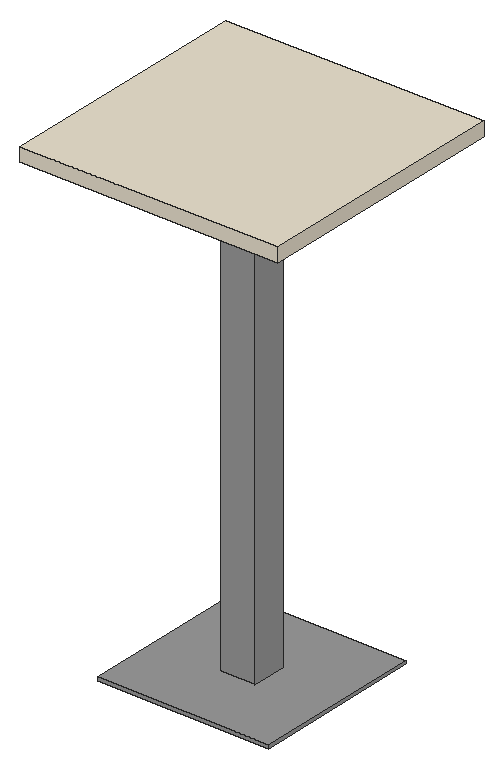
Revit family "FU_Table_Sandler_579AQ-XT", category Furniture, Revit 2020
Family settings
  OmniClass Number = 23.40.20.00
  OmniClass Title = General Furniture and Specialties
  Work Plane-Based = No
  Always vertical = Yes
  Cut with Voids When Loaded = No
  Shared = No
  Room Calculation Point = No
Parameters (values of type "579AQ XT 24" Square (60cm)")
  Width = 400 mm
  URL = "https://www.sandlerseating.com/product/art-579aq-xt/"
  Top Size = FU_TableTops_MT Sqr : 24" Square (60cm)
  Top Elevation = Height  # 1100 mm
  Top Finish [instance] = Wood - Beech - Grey Stained
  Model = "579AQ XT"
  Manufacturer = "Sandler"
  Height = 1100 mm
  Frame Finish [instance] = Metal - Steel - Polished
  Description = "Table base in stainless steel."
  Depth = Width  # 400 mm
  Default Elevation = 0 mm
Types (4, lengths in mm): name | Top Size | Frame Finish
  (no name) | FU_TableTops_MT Sqr : 24" Square (60cm) | Metal - Steel - Polished
  579AQ XT 24" Square (60cm) | FU_TableTops_MT Sqr : 24" Square (60cm) | Metal - Steel - Polished
  579AQ XT 24" Round (60cm) | FU_TableTops_MT Rnd : 24" Round (60cm) | Metal - Steel - Matt-Satin
  579AQ XT 28" Round (70cm) | FU_TableTops_MT Rnd : 28" Round (70cm) | Metal - Steel - Matt-Satin
Reference planes
  plane 1 "Center (Front/Back)": y = 0
  plane 2: z = 0
  plane 3 "Center (Left/Right)": x = 0
  plane 4 "Right": x = -200
  plane 5 "Left": x = 200
  plane 6 "Back": y = 200
  plane 7 "Front": y = -200
  plane 8 "Height": z = 1100
  plane 9 "Top Support": z = 1080
  plane 10 "Glide Height": z = 6
  plane 11 "Base height": z = 14
  plane 12 "R Pad C": x = -184
  plane 13 "B Pad C": y = 184
  plane 14 "L Pad C": x = 184
  plane 15 "F Pad C": y = -184
Forms (mm)
  Extrusion 1, solid, material "Metal - Steel - Polished" <- "Frame Finish"
    sketch origin (0, 0, 6) x (-1, 0, 0) y (0, -1, 0)
      loop
        line (200, -200) -> (200, 200) -> (-200, 200) -> (-200, -200) -> (200, -200)
    from 0 to 8
  Revolve 2, solid, material "Rubber, Black"
    sketch origin (0, 0, 0) x (1, 0, 0) y (0, 0, 1)
      loop
        line (-184, 0) -> (-184, 6) -> (-192, 6) -> (-192, 2)
        arc (-192, 2) -> (-191.414, 0.586) -> (-190, 0) r 2
        line (-190, 0) -> (-184, 0)
      axis (-184, 6) -> (-184, 0)
    angle from 0 to 360
  Revolve 3, solid, material "Rubber, Black"
    sketch origin (0, 0, 0) x (-1, 0, 0) y (0, 0, 1)
      loop
        line (-184, 0) -> (-184, 6) -> (-192, 6) -> (-192, 2)
        arc (-192, 2) -> (-191.414, 0.586) -> (-190, 0) r 2
        line (-190, 0) -> (-184, 0)
      axis (-184, 6) -> (-184, 0)
    angle from 0 to 360
  Revolve 4, solid, material "Rubber, Black"
    sketch origin (0, 0, 0) x (0, 1, 0) y (0, 0, 1)
      loop
        line (-184, 6) -> (-192, 6) -> (-192, 2)
        arc (-192, 2) -> (-191.414, 0.586) -> (-190, 0) r 2
        line (-190, 0) -> (-184, 0) -> (-184, 6)
      axis (-184, 6) -> (-184, 0)
    angle from 0 to 360
  Revolve 5, solid, material "Rubber, Black"
    sketch origin (0, 0, 0) x (0, -1, 0) y (0, 0, 1)
      loop
        line (-184, 6) -> (-192, 6) -> (-192, 2)
        arc (-192, 2) -> (-191.414, 0.586) -> (-190, 0) r 2
        line (-190, 0) -> (-184, 0) -> (-184, 6)
      axis (-184, 6) -> (-184, 0)
    angle from 0 to 360
  Extrusion 6, solid, material "Metal - Steel - Polished" <- "Frame Finish"
    sketch origin (0, 0, 6) x (-1, 0, 0) y (0, -1, 0)
      loop
        line (40, -40) -> (40, 40) -> (-40, 40) -> (-40, -40) -> (40, -40)
    from 0 to 1074
Dimensions and locks
  equal spacing: plane 4 "Right", plane 3 "Center (Left/Right)", plane 5 "Left"
  "Width": plane 4 "Right" to plane 5 "Left"
  equal spacing: plane 6 "Back", plane 1 "Center (Front/Back)", plane 7 "Front"
  "Depth": plane 6 "Back" to plane 7 "Front"
  "Height": plane 8 "Height" to level
  locked: plane 8 "Height" to plane 9 "Top Support" at 20
  locked: plane 4 "Right" to plane 12 "R Pad C" at 16
  plane 14 "L Pad C" to plane 5 "Left" = 16 mm
  locked: plane 6 "Back" to plane 13 "B Pad C" at 16
  locked: plane 15 "F Pad C" to plane 7 "Front" at 16
  aligned and locked: level to plane 2
  aligned and locked: plane 11 "Base height" to Extrusion 1
  aligned and locked: Extrusion 1 to plane 11 "Base height"  (x3)
  aligned and locked: plane 8 "Height" to nested 1
  aligned and locked: Extrusion 6 to plane 10 "Glide Height"
  aligned and locked: plane 9 "Top Support" to Extrusion 6
  aligned and locked: Extrusion 1 sketch curve to plane 6 "Back"
  aligned and locked: Extrusion 1 sketch curve to plane 4 "Right"
  aligned and locked: plane 7 "Front" to Extrusion 1 sketch curve
  aligned and locked: plane 5 "Left" to Extrusion 1 sketch curve
Automatic sketch dimensions
  Revolve 2 sketch curve to plane 10 "Glide Height" = 0 mm
  Revolve 2 sketch curve to level = 0 mm
  plane 12 "R Pad C" to Revolve 2 sketch curve = 0 mm  (x2)
  Revolve 2 sketch curve to Revolve 2 sketch curve = 6 mm
  Revolve 2 sketch curve to Revolve 2 sketch curve = 2 mm
  Revolve 2 sketch curve to level = 10.049 mm
  Revolve 2 sketch curve to plane 11 "Base height" = 2.095 mm
  Revolve 3 sketch curve to plane 10 "Glide Height" = 0 mm
  Revolve 3 sketch curve to level = 0 mm
  Revolve 3 sketch curve to plane 14 "L Pad C" = 0 mm  (x2)
  Revolve 3 sketch curve to Revolve 3 sketch curve = 6 mm
  Revolve 3 sketch curve to Revolve 3 sketch curve = 2 mm
  level to Revolve 3 sketch curve = 10.049 mm
  plane 11 "Base height" to Revolve 3 sketch curve = 2.095 mm
  Revolve 4 sketch curve to plane 10 "Glide Height" = 0 mm
  Revolve 4 sketch curve to level = 0 mm
  Revolve 4 sketch curve to plane 15 "F Pad C" = 0 mm  (x2)
  level to Revolve 4 sketch curve = 2 mm
  plane 15 "F Pad C" to Revolve 4 sketch curve = 6 mm
  Revolve 4 sketch curve to level = 5.787 mm
  Revolve 4 sketch curve to plane 11 "Base height" = 1.201 mm
  Revolve 5 sketch curve to plane 10 "Glide Height" = 0 mm
  Revolve 5 sketch curve to level = 0 mm
  Revolve 5 sketch curve to plane 13 "B Pad C" = 0 mm  (x2)
  Revolve 5 sketch curve to level = 2 mm
  Revolve 5 sketch curve to plane 13 "B Pad C" = 6 mm
  Revolve 5 sketch curve to Revolve 5 sketch curve = 5.787 mm
  plane 11 "Base height" to Revolve 5 sketch curve = 1.201 mm
  plane 1 "Center (Front/Back)" to Extrusion 6 sketch curve = 40 mm
  Extrusion 6 sketch curve to plane 3 "Center (Left/Right)" = 40 mm
  Extrusion 6 sketch curve to plane 1 "Center (Front/Back)" = 40 mm
  plane 3 "Center (Left/Right)" to Extrusion 6 sketch curve = 40 mm
Nested families
  nested 1: "MT Top Support" at (0, 0, 380), Frame Finish <- "Frame Finish", type "MT Top Support"
    with Frame Finish Metal - Steel - Polished
  nested 2: "FU_TableTops_MT Sqr" at (0, 0, 0), type <- "Top Size", Top Elevation <- "Top Elevation", Top Finish <- "Top Finish", type "24" Square (60cm)"
    with Top Finish Wood - Beech - Grey Stained, Top Elevation 1100 mm
Definition of nested family "MT Top Support"
  Parameters (values of type "MT Top Support")
    Frame Finish [instance] = none
    Default Elevation = 0 mm
  Reference planes
    plane 1 "Center (Front/Back)": y = 0
    plane 2: z = 0
    plane 3 "Center (Left/Right)": x = 0
    plane 4 "Right": x = -210
    plane 5 "Left": x = 210
    plane 6 "Back": y = 210
    plane 7 "Front": y = -210
    plane 8 "Height": z = 720
    plane 9: z = 700
  Forms (mm)
    Extrusion 1, solid, material <- "Frame Finish"
      sketch origin (0, 0, 700) x (-1, 0, 0) y (0, -1, 0)
        loop
          line (48, 44.024) -> (119.736, 115.76)
          arc (119.736, 115.76) -> (116.918, 118.6) -> (114.032, 121.37) r 166.741
          line (114.032, 121.37) -> (40.38, 47.718) -> (-40.38, 47.718) -> (-114.032, 121.37)
          arc (-114.032, 121.37) -> (-116.918, 118.6) -> (-119.736, 115.76) r 166.741
          line (-119.736, 115.76) -> (-48, 44.024) -> (-48, -44.024) -> (-120.014, -116.038)
          arc (-120.014, -116.038) -> (-117.202, -118.884) -> (-114.323, -121.661) r 166.741
          line (-114.323, -121.661) -> (-40.944, -48.282) -> (40.944, -48.282) -> (114.323, -121.661)
          arc (114.323, -121.661) -> (117.202, -118.884) -> (120.014, -116.038) r 166.741
          line (120.014, -116.038) -> (48, -44.024) -> (48, 44.024)
      from 0 to 15
    Extrusion 2, solid, material <- "Frame Finish"
      sketch origin (0, 0, 720) x (-1, 0, 0) y (0, -1, 0)
        loop
          arc (48, 9.198) -> (50.194, 20.46) -> (56.455, 30.074) r 30
          line (56.455, 30.074) -> (155.027, 131.809)
          arc (155.027, 131.809) -> (157.282, 137.439) -> (154.939, 143.033) r 8
          line (154.939, 143.033) -> (142.122, 155.85)
          arc (142.122, 155.85) -> (136.465, 158.193) -> (130.808, 155.85) r 8
          line (130.808, 155.85) -> (32.027, 57.069)
          arc (32.027, 57.069) -> (22.294, 50.566) -> (10.814, 48.282) r 30
          line (10.814, 48.282) -> (-10.814, 48.282)
          arc (-10.814, 48.282) -> (-22.294, 50.566) -> (-32.027, 57.069) r 30
          line (-32.027, 57.069) -> (-130.808, 155.85)
          arc (-130.808, 155.85) -> (-136.465, 158.193) -> (-142.122, 155.85) r 8
          line (-142.122, 155.85) -> (-154.939, 143.033)
          arc (-154.939, 143.033) -> (-157.282, 137.439) -> (-155.027, 131.809) r 8
          line (-155.027, 131.809) -> (-56.455, 30.074)
          arc (-56.455, 30.074) -> (-50.194, 20.46) -> (-48, 9.198) r 30
          line (-48, 9.198) -> (-48, -9.198)
          arc (-48, -9.198) -> (-50.194, -20.46) -> (-56.455, -30.074) r 30
          line (-56.455, -30.074) -> (-155.027, -131.809)
          arc (-155.027, -131.809) -> (-157.282, -137.439) -> (-154.939, -143.033) r 8
          line (-154.939, -143.033) -> (-142.122, -155.85)
          arc (-142.122, -155.85) -> (-136.465, -158.193) -> (-130.808, -155.85) r 8
          line (-130.808, -155.85) -> (-32.027, -57.069)
          arc (-32.027, -57.069) -> (-22.294, -50.566) -> (-10.814, -48.282) r 30
          line (-10.814, -48.282) -> (10.814, -48.282)
          arc (10.814, -48.282) -> (22.294, -50.566) -> (32.027, -57.069) r 30
          line (32.027, -57.069) -> (130.808, -155.85)
          arc (130.808, -155.85) -> (136.465, -158.193) -> (142.122, -155.85) r 8
          line (142.122, -155.85) -> (154.939, -143.033)
          arc (154.939, -143.033) -> (157.282, -137.439) -> (155.027, -131.809) r 8
          line (155.027, -131.809) -> (56.455, -30.074)
          arc (56.455, -30.074) -> (50.194, -20.46) -> (48, -9.198) r 30
          line (48, -9.198) -> (48, 9.198)
        loop
          line (-134.399, -141.055) -> (-124.502, -131.158)
          arc (-124.502, -131.158) -> (-124.502, -125.502) -> (-130.158, -125.502) r 3.999
          line (-130.158, -125.502) -> (-140.055, -135.399)
          arc (-140.055, -135.399) -> (-140, -141.001) -> (-134.399, -141.055) r 4
        loop
          arc (134.399, -141.055) -> (140, -141.001) -> (140.055, -135.399) r 4
          line (140.055, -135.399) -> (130.158, -125.502)
          arc (130.158, -125.502) -> (124.502, -125.502) -> (124.502, -131.158) r 3.999
          line (124.502, -131.158) -> (134.399, -141.055)
        loop
          arc (-134.399, 141.055) -> (-140, 141.001) -> (-140.055, 135.399) r 4
          line (-140.055, 135.399) -> (-130.158, 125.502)
          arc (-130.158, 125.502) -> (-124.502, 125.502) -> (-124.502, 131.158) r 3.999
          line (-124.502, 131.158) -> (-134.399, 141.055)
        loop
          line (134.399, 141.055) -> (124.502, 131.158)
          arc (124.502, 131.158) -> (124.502, 125.502) -> (130.158, 125.502) r 3.999
          line (130.158, 125.502) -> (140.055, 135.399)
          arc (140.055, 135.399) -> (140, 141.001) -> (134.399, 141.055) r 4
        loop
          circle (0, 0) r 7.5
      from -10 to 0
  Dimensions and locks
    equal spacing: plane 4 "Right", plane 3 "Center (Left/Right)", plane 5 "Left"
    plane 4 "Right" to plane 5 "Left" = 420 mm
    equal spacing: plane 6 "Back", plane 1 "Center (Front/Back)", plane 7 "Front"
    plane 6 "Back" to plane 7 "Front" = 420 mm
    plane 8 "Height" to level = 720 mm
    locked: plane 8 "Height" to plane 9 at 20
    aligned and locked: level to plane 2
  Automatic sketch dimensions
    plane 1 "Center (Front/Back)" to Extrusion 2 sketch curve = 0 mm
    Extrusion 2 sketch curve to plane 3 "Center (Left/Right)" = 0 mm
    plane 3 "Center (Left/Right)" to Extrusion 2 sketch curve = 10.814 mm  (x2)
    Extrusion 2 sketch curve to Extrusion 2 sketch curve = 21.213 mm  (x4)
    plane 1 "Center (Front/Back)" to Extrusion 2 sketch curve = 9.198 mm  (x2)
    plane 3 "Center (Left/Right)" to Extrusion 2 sketch curve = 48 mm
    Extrusion 2 sketch curve to plane 1 "Center (Front/Back)" = 30.074 mm  (x2)
    Extrusion 2 sketch curve to Extrusion 2 sketch curve = 8.455 mm  (x4)
    plane 1 "Center (Front/Back)" to Extrusion 2 sketch curve = 30.074 mm  (x2)
    Extrusion 2 sketch curve to plane 1 "Center (Front/Back)" = 9.198 mm  (x2)
    plane 5 "Left" to Extrusion 2 sketch curve = 85.498 mm  (x2)
    Extrusion 2 sketch curve to Extrusion 2 sketch curve = 2.828 mm  (x12)
    Extrusion 2 sketch curve to Extrusion 2 sketch curve = 6.306 mm  (x4)
    Extrusion 2 sketch curve to Extrusion 2 sketch curve = 9.897 mm  (x8)
    Extrusion 2 sketch curve to Extrusion 2 sketch curve = 5.657 mm  (x16)
    Extrusion 2 sketch curve to Extrusion 2 sketch curve = 2.773 mm  (x8)
    Extrusion 2 sketch curve to Extrusion 2 sketch curve = 2.883 mm  (x4)
    Extrusion 2 sketch curve to Extrusion 2 sketch curve = 9.227 mm  (x4)
    Extrusion 2 sketch curve to Extrusion 2 sketch curve = 5.745 mm  (x4)
    Extrusion 2 sketch curve to plane 3 "Center (Left/Right)" = 10.814 mm  (x2)
    Extrusion 2 sketch curve to plane 3 "Center (Left/Right)" = 48 mm
    Extrusion 2 sketch curve to plane 1 "Center (Front/Back)" = 48.282 mm
    Extrusion 2 sketch curve to Extrusion 2 sketch curve = 8.787 mm  (x4)
    Extrusion 2 sketch curve to plane 6 "Back" = 84.498 mm  (x2)
    Extrusion 2 sketch curve to Extrusion 2 sketch curve = 6.307 mm  (x4)
    Extrusion 2 sketch curve to Extrusion 2 sketch curve = 5.567 mm  (x4)
    Extrusion 2 sketch curve to Extrusion 2 sketch curve = 9.138 mm  (x4)
    plane 1 "Center (Front/Back)" to Extrusion 2 sketch curve = 48.282 mm
    plane 7 "Front" to Extrusion 2 sketch curve = 84.498 mm  (x2)
    Extrusion 1 sketch curve to Extrusion 1 sketch curve = 0 mm  (x12)
    Extrusion 1 sketch curve to plane 3 "Center (Left/Right)" = 0 mm
    plane 3 "Center (Left/Right)" to Extrusion 1 sketch curve = 40.38 mm
    plane 3 "Center (Left/Right)" to Extrusion 1 sketch curve = 40.944 mm
    Extrusion 1 sketch curve to Extrusion 1 sketch curve = 7.056 mm  (x2)
    plane 5 "Left" to Extrusion 1 sketch curve = 95.968 mm
    plane 5 "Left" to Extrusion 1 sketch curve = 95.677 mm
    Extrusion 1 sketch curve to Extrusion 1 sketch curve = 5.704 mm  (x2)
    Extrusion 1 sketch curve to Extrusion 1 sketch curve = 5.691 mm  (x2)
    Extrusion 1 sketch curve to plane 3 "Center (Left/Right)" = 40.38 mm
    Extrusion 1 sketch curve to plane 3 "Center (Left/Right)" = 40.944 mm
    Extrusion 1 sketch curve to plane 6 "Back" = 88.339 mm  (x2)
    Extrusion 1 sketch curve to Extrusion 1 sketch curve = 5.623 mm
    Extrusion 1 sketch curve to plane 1 "Center (Front/Back)" = 48.282 mm
    Extrusion 1 sketch curve to Extrusion 1 sketch curve = 4.258 mm  (x2)
    plane 1 "Center (Front/Back)" to Extrusion 1 sketch curve = 44.024 mm  (x2)
    Extrusion 1 sketch curve to Extrusion 1 sketch curve = 3.693 mm
    plane 7 "Front" to Extrusion 1 sketch curve = 94.24 mm  (x2)
    Extrusion 1 sketch curve to plane 4 "Right" = 95.968 mm
    Extrusion 1 sketch curve to plane 4 "Right" = 95.677 mm
    Extrusion 2 sketch curve to plane 4 "Right" = 85.498 mm  (x2)
    radius of Extrusion 2 sketch curve = 7.5 mm
Definition of nested family "FU_TableTops_MT Sqr"
  Parameters (values of type "24x48" Top (60x120cm)")
    Width = 1200 mm
    Top Finish [instance] = none
    Top Elevation [instance] = 1100 mm
    Depth = 600 mm
    Default Elevation = 0 mm
  Types (16, lengths in mm): name | Width | Depth
    28x48" Top (70x120cm) | 1200 | 700
    28x52" Top (70x130cm) | 1300 | 700
    32x48" Top (80x120cm) | 1200 | 800
    32x52" Top (80x130cm) | 1300 | 800
    28x55" Top (70x140cm) | 1400 | 700
    32x55" Top (80x140cm) | 1400 | 800
    24" Square (60cm) | 600 | 600
    28" Square (70cm) | 700 | 700
    32" Square (80cm) | 800 | 800
    36" Square (90cm) | 900 | 900
    40" Square (100cm) | 1000 | 1000
    44" Square (110cm) | 1100 | 1100
    28x44" Top (70x110cm) | 1100 | 700
    24x40" Top (60x100cm) | 1000 | 600
    24x44" Top (60x110cm) | 1100 | 600
    24x48" Top (60x120cm) | 1200 | 600
  Reference planes
    plane 1 "Center (Front/Back)": y = 0
    plane 2: z = 0
    plane 3 "Center (Left/Right)": x = 0
    plane 4 "Right": x = -600
    plane 5 "Left": x = 600
    plane 6 "Back": y = 300
    plane 7 "Front": y = -300
    plane 8 "Elevation": z = 1100
    plane 9 "Top Height": z = 1131.75
  Forms (mm)
    Extrusion 1, solid, material <- "Top Finish"
      sketch origin (0, 0, 1100) x (-1, 0, 0) y (0, -1, 0)
        loop
          line (600, -300) -> (600, 300) -> (-600, 300) -> (-600, -300) -> (600, -300)
      from 0 to 31.75
  Dimensions and locks
    equal spacing: plane 4 "Right", plane 3 "Center (Left/Right)", plane 5 "Left"
    "Width": plane 4 "Right" to plane 5 "Left"
    equal spacing: plane 6 "Back", plane 1 "Center (Front/Back)", plane 7 "Front"
    "Depth": plane 6 "Back" to plane 7 "Front"
    "Top Elevation": plane 8 "Elevation" to level
    locked: plane 9 "Top Height" to plane 8 "Elevation" at 31.75
    aligned and locked: level to plane 2
    aligned and locked: Extrusion 1 sketch curve to plane 6 "Back"
    aligned and locked: Extrusion 1 sketch curve to plane 4 "Right"
    aligned and locked: plane 7 "Front" to Extrusion 1 sketch curve
    aligned and locked: plane 5 "Left" to Extrusion 1 sketch curve
    aligned and locked: Extrusion 1 to plane 8 "Elevation"
    aligned and locked: plane 8 "Elevation" to Extrusion 1  (x2)
    aligned and locked: plane 9 "Top Height" to Extrusion 1
    aligned and locked: Extrusion 1 to plane 9 "Top Height"
